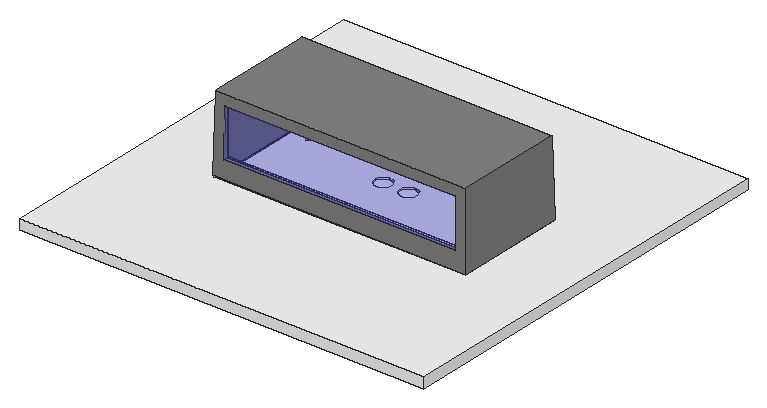
Revit family "BE_50146.5_de_DE", category Leuchten, Revit 2015
Parameters (values of type "BEGA_50146.5_K4")
  built-in parameter 1150104 = 12.096 (stored number, unit not read)
  Wattage = 25.2 W
  Default Elevation = 0 mm
  built-in parameter 1150113 = 1 (stored number, unit not read)
  built-in parameter 1114218 = 1 (stored number, unit not read)
  Umgebungstemperatur = "25 °C"
  URL = "http://www.bega.de/produkt/50146.5"
  Typenkommentare = "© 2017 BEGA. Wir behalten uns das Recht vor, technische Änderungen ohne vorherige Ankündigung vorzunehmen."  # constant formula
  built-in parameter 1150134 = 12
  built-in parameter 1150109 = 1 (stored number, unit not read)
  Strom = ""
  built-in parameter 1150110 = 1 (stored number, unit not read)
  Spannung = 239.996 V
  Sonderanfertigung = no
  Seriennummer [instance] = "Hier können Sie die eindeutige Seriennummer für das Facility Management eintragen."
  Schutzklasse = "I"
  Schutzart = ""
  Scheinlast = 0 VA
  Produktdatenblatt = "http://www.bega.de/download/Xrfa/db/50146.5.db.de.pdf"
  Oberflächentemperatur = ""
  Neigungswinkel = 0.00°
  Modell = "50146.5K4"
  Material_17 = BEGA_Reflektor
  Material_15 = BEGA_Leuchtmedium_matt
  Material_11 = BEGA_Glas_opal
  Material_09 = BEGA_Glas_klar
  Material_08 = BEGA_Oberfläche_Stahl_verzinkt
  Material_06 = BEGA_Oberfläche_Edelstahl_gebürstet
  Material_05 = BEGA_Oberfläche_Aluminium Guss
  Material_03 = BEGA_Oberfläche_Weiss_matt
  Material_02 = BEGA_Oberfläche_Silber_matt
  Material_01 [instance] = BEGA_Oberfläche_Grafit_matt
  M_W = no
  M_G = no
  M_A = no
  Logo = 0
  built-in parameter 1114217 = 1 (stored number, unit not read)
  built-in parameter 1150139 = (empty or 0)
  built-in parameter 1150105 = 261.1 (stored number, unit not read)
  built-in parameter 1150114 = 1 (stored number, unit not read)
  Lumens = 3281.04 lm
  built-in parameter 1150115 = 1 (stored number, unit not read)
  Leuchtenlichtstrom = "2330 lm"
  Leuchtenanzahl = ""
  Lebensdauerkriterien = "L70B50 @ 25 °C = 450000 h"
  Lastklassifizierung = Beleuchtung
  built-in parameter 1150112 = 1 (stored number, unit not read)
  Lampenlichtstrom = "3280 lm"
  Lampe = "LED 25.2 W"
  LED_Modulbezeichnung = "2x LED-0696/940 "
  Hersteller = "BEGA"  # constant formula
  Halbstreuwinkel = ""
  Gewicht = "1.95 kg"
  Gebrauchslageneinschränkung [instance] = ""
  Frequenz = "0/50-60 Hz"
  Farbwiedergabeindex = "Ra > 90"
  Farbtemperaturverschiebung bei Dämpfen der Lampe = <Keine Auswahl>
  Farbtemperatur = "4000 K"
  Color Filter = 16777215
  built-in parameter 1150133 = 10 (stored number, unit not read)
  Energieeffizienzklasse = "LED A++ - A"
  built-in parameter 1150137 = (empty or 0)
  built-in parameter 1150132 = (empty or 0)
  ENEC = ""
  Dimmbar [instance] = "DALI"
  Datei für fotometrisches Netz = "BE_50146K4.IES"
  CE_Konformität = "ja"
  Bestellnummer = "50146.5K4"
  Beschreibung_Sonderanfertigung = "Hier können Sie Informationen zur Sonderanfertigung eintragen."
  Beschreibung = "Wandfluter"
  built-in parameter 1150106 = 2.611 (stored number, unit not read)
  Befestigungsbohrung = "Ø 4,8 mm"
  Befestigungsabstand = "200 x 65 mm"
  Ballwurfsicher = ""
  BEGA_Intern_aus = yes
  BEGA_Intern_an = yes
  BEGA_Intern_Konstruktion = yes
  BEGA_Intern = yes
  BEGA_IES = yes
  BEGA_Dummy = no
  Anschlussleitung = ""
  Anschlussleistung [instance] = "29 W"
  Anschlusskasten = ""
  built-in parameter 1150107 = 4000 (stored number, unit not read)
  built-in parameter 1150102 = (empty or 0)
  built-in parameter 1150138 = (empty or 0)
  Aktualisierung = "2017-07-11T04:09:12"
  Abstand_zur_angestrahlten_Fläche [instance] = ""
  AC/DC = "AC/DC"
Types (2, lengths in mm): name | built-in parameter 1150104 | built-in parameter 1150134 | Modell | built-in parameter 1150105 | Lumens | Leuchtenlichtstrom | Lampenlichtstrom | LED_Modulbezeichnung | Farbtemperatur | Datei für fotometrisches Netz | Bestellnummer | built-in parameter 1150106 | built-in parameter 1150107
  BEGA_50146.5_K3 | 11.65 (stored number, unit not read) | (empty or 0) | "50146.5" | 251.47 (stored number, unit not read) | 3160.08 lm | "2244 lm" | "3160 lm" | "2x LED-0696/930 " | "3000 K" | "BE_50146.IES" | "50146.5" | 2.5147 (stored number, unit not read) | 3000 (stored number, unit not read)
  BEGA_50146.5_K4 | 12.096 (stored number, unit not read) | 12 | "50146.5K4" | 261.1 (stored number, unit not read) | 3281.04 lm | "2330 lm" | "3280 lm" | "2x LED-0696/940 " | "4000 K" | "BE_50146K4.IES" | "50146.5K4" | 2.611 (stored number, unit not read) | 4000 (stored number, unit not read)
Reference planes
  plane 1 "Mitte (Vorne/Hinten)": y = 0
  plane 2: z = 0
  plane 3 "Mitte (Links/Rechts)": x = 0
  plane 4 "Links": x = -125
  plane 5 "Rechts": x = 125
  plane 6 "Unten": y = -55
  plane 7 "Oben": y = 55
  plane 8 "Vorne": z = 76
  plane 9 "Hinten": z = 0
Forms (mm)
  Extrusion 1, solid, material "BEGA_Platte_Weiss"
    sketch origin (0, -1119.2, 0) x (1, 0, 0) y (0, 1, 0)
      loop
        line (-200, 1319.2) -> (-200, 919.2) -> (200, 919.2) -> (200, 1319.2) -> (-200, 1319.2)
    from 0 to -10
  Extrusion 2, solid, material "BEGA_Dummy_matt", visible <- "BEGA_Dummy"
    sketch origin (80.095, -76.023, 0) x (1, 0, 0) y (0, 1, 0)
      loop
        line (-205.095, 131.023) -> (-205.095, 21.023) -> (44.905, 21.023) -> (44.905, 131.023) -> (-205.095, 131.023)
    from 0 to 76
Dimensions and locks
  plane 1 "Mitte (Vorne/Hinten)" to Extrusion 1 = 200 mm
  aligned and locked: plane 2 to Extrusion 1
  aligned and locked: level to Extrusion 1
Nested families
  nested 1: "BE_50146.5" at (0, 0, 0), type "BE_50146.5"
Connectors
  electrical at (0, 0, 0), driven by "Lastklassifizierung", driven by "Spannung", driven by "Scheinlast"
    settings: index 1, voltage 239.996 V, apparent load 0 VA, apparent load phase1 0 VA, apparent load phase2 0 VA, apparent load phase3 0 VA, power factor 1, load classification "Beleuchtung", number of poles 1, system type 31, power factor state 1, is connector primary yes, connector utility no, sub classification motor no, connector description ""
Definition of nested family "BE_50146.5"
  Parameters (values of type "BE_50146.5")
    Default Elevation = 1 mm
    URL = "http://www.bega.de/de/produkt"
    Type Comments = "© 2015 BEGA. Wir behalten uns das Recht vor, technische Änderungen ohne vorherige Ankündigung vorzunehmen. "  # constant formula
    Type Image = (empty or 0)
    Neigungswinkel_um_Z2 = 0.00°
    Neigungswinkel_um_Z1 = 0.00°
    Neigungswinkel_um_Y2 = 0.00°
    Neigungswinkel_um_Y1 = 0.00°
    Neigungswinkel_um_X2 = 0.00°
    Neigungswinkel_um_X1 = 0.00°
    Material_17 = none
    Material_15 = none
    Material_11 = none
    Material_09 = none
    Material_08 = none
    Material_06 = none
    Material_05 = none
    Material_03 = none
    Material_02 = none
    Material_01 = none
    M_W = yes
    M_G = yes
    M_A = yes
    Länge_Platte = 400 mm  # constant formula
    Höhe_Platte = -10 mm  # constant formula
    Manufacturer = "BEGA"  # constant formula
    Drehwinkel_um_Z2 = 0.00°
    Drehwinkel_um_Z1 = 0.00°
    Breite_Platte = 200 mm  # constant formula
  Reference planes
    plane 1 "Mitte (Oben/Unten)": y = 0
    plane 2: z = 0
    plane 3 "Mitte (Links/Rechts)": x = 0
    plane 4: x = -125
    plane 5: z = 76
    plane 6: x = 125
    plane 7: y = 55
    plane 8: y = -55
  Forms (mm)
    Extrusion 1, solid, detail levels medium
      sketch origin (0, 0, 0) x (1, 0, 0) y (0, 1, 0)
        loop
          line (-200, 100) -> (-200, -100) -> (200, -100) -> (200, 100) -> (-200, 100)
      from 0 to -10 <- "Höhe_Platte"
    Extrusion 2, solid, material <- "Material_01", detail levels medium+fine
      sketch origin (0, 0, 0) x (1, 0, 0) y (0, 0, 1)
        loop
          line (-125, 1) -> (-121, 1) -> (-118.661, 68) -> (118.661, 68) -> (121, 1) -> (125, 1) -> (123.691, 76) -> (-123.691, 76) -> (-125, 1)
      from -55 to 55
    Extrusion 3, solid, material <- "Material_01", detail levels medium+fine
      sketch origin (0, 0, 0) x (1, 0, 0) y (0, 0, 1)
        loop
          line (123.691, 76) -> (-123.691, 76) -> (-125, 1) -> (125, 1) -> (123.691, 76)
      from -55 to -50.695
    Extrusion 4, solid, material <- "Material_01", detail levels medium+fine
      sketch origin (0, 0, 0) x (1, 0, 0) y (0, 0, -1)
        loop
          line (123.691, -76) -> (125, -1) -> (-125, -1) -> (-123.691, -76) -> (123.691, -76)
      from -55 to -50.695
    Extrusion 5, void
      sketch origin (0, 0, 0) x (0, 1, 0) y (0, 0, 1)
        loop
          line (55, 1) -> (55.86, 1.015) -> (55.86, 78.41) -> (53.649, 78.41) -> (55, 1)
        loop
          line (-55, 1) -> (-53.649, 78.41) -> (-55.86, 78.41) -> (-55.86, 1.015) -> (-55, 1)
      from -135.401 to 130.838
    Sweep 6, solid, material <- "Material_03", detail levels medium+fine
      path origin (0, 0, 0) x (1, 0, 0) y (0, 1, 0)
        loop
          line (-125, 55) -> (-125, -55) -> (125, -55) -> (125, 55) -> (-125, 55)
      profile origin (-125, 0, 0) x (1, 0, 0) y (0, 0, 1)
        loop
          line (0.5, 1) -> (0.5, 0) -> (2.572, 0)
          arc (2.572, 0) -> (3.337, 0.152) -> (3.986, 0.586) r 2
          line (3.986, 0.586) -> (5.107, 1.707)
          arc (5.107, 1.707) -> (5.432, 1.924) -> (5.814, 2) r 1
          line (5.814, 2) -> (11.938, 2) -> (11.938, 3) -> (5.814, 3)
          arc (5.814, 3) -> (5.049, 2.848) -> (4.4, 2.414) r 2
          line (4.4, 2.414) -> (3.279, 1.293)
          arc (3.279, 1.293) -> (2.954, 1.076) -> (2.572, 1) r 1
          line (2.572, 1) -> (0.5, 1)
    Extrusion 7, solid, material <- "Material_03", detail levels medium+fine
      sketch origin (0, 0, 0) x (1, 0, 0) y (0, 1, 0)
        loop
          line (-113.062, 43.062) -> (-113.062, -43.062) -> (113.062, -43.062) -> (113.062, 43.062) -> (-113.062, 43.062)
      from 2 to 3
    Extrusion 8, void
      sketch origin (0, 0, 0) x (0, 1, 0) y (0, 0, 1)
        loop
          line (47.599, 66.082) -> (47.599, 18) -> (55.612, 18) -> (55.612, 66.082) -> (47.599, 66.082)
        loop
          line (-47.599, 66.082) -> (-55.612, 66.082) -> (-55.612, 18) -> (-47.599, 18) -> (-47.599, 66.082)
      from -114.499 to 114.499
    Extrusion 9, solid, material <- "Material_11", detail levels medium+fine
      sketch origin (0, 0, 0) x (0, 1, 0) y (0, 0, 1)
        loop
          line (54.603, 18.077) -> (53.765, 66.069) -> (49.366, 65.992) -> (50.203, 18) -> (54.603, 18.077)
      from -114.499 to 114.499
    Extrusion 10, solid, material <- "Material_11", detail levels medium+fine
      sketch origin (0, 0, 0) x (0, 1, 0) y (0, 0, 1)
        loop
          line (49.339, 67.492) -> (45.74, 67.429) -> (46.63, 16.437) -> (50.229, 16.5) -> (49.339, 67.492)
      from -116.248 to 116.218
    Extrusion 11, solid, material <- "Material_11", detail levels medium+fine
      sketch origin (0, 0, 0) x (0, -1, 0) y (0, 0, -1)
        loop
          line (54.603, -18.077) -> (50.203, -18) -> (49.366, -65.992) -> (53.765, -66.069) -> (54.603, -18.077)
      from -114.499 to 114.499
    Extrusion 12, solid, material <- "Material_11", detail levels medium+fine
      sketch origin (0, 0, 0) x (0, -1, 0) y (0, 0, -1)
        loop
          line (49.339, -67.492) -> (50.229, -16.5) -> (46.63, -16.437) -> (45.74, -67.429) -> (49.339, -67.492)
      from -116.248 to 116.218
    Extrusion 13, void
      sketch origin (0, 0, 0) x (1, 0, 0) y (0, 1, 0)
        loop
          circle (-100, 32.5) r 2.4
        loop
          circle (100, -32.5) r 2.4
        loop
          circle (-12.5, 15) r 8.5
        loop
          circle (12.5, 15) r 8.5
      from 0 to 6.68
    Revolve 14, solid, material <- "Material_06", detail levels fine
      sketch origin (110, 0, 0) x (0, 1, 0) y (0, 0, 1)
        loop
          line (56, 9) -> (56, 11) -> (53.425, 11) -> (53.425, 9) -> (56, 9)
        axis (56, 9) -> (53.425, 9)
      angle from 0 to 360
    Revolve 15, solid, material <- "Material_06", detail levels fine
      sketch origin (-110, 0, 0) x (0, 1, 0) y (0, 0, -1)
        loop
          line (56, -9) -> (53.425, -9) -> (53.425, -11) -> (56, -11) -> (56, -9)
        axis (56, -9) -> (53.425, -9)
      angle from 0 to 360
  Cuts and joins
    Extrusion 5, Extrusion 8 cuts Extrusion 2
    Extrusion 5, Extrusion 8 cuts Extrusion 3
    Extrusion 5, Extrusion 8 cuts Extrusion 4
    joined: Extrusion 2, Extrusion 3, Extrusion 4
    Extrusion 13 cuts Sweep 6
    Extrusion 13 cuts Extrusion 7
    joined: Sweep 6, Extrusion 7
    joined: Extrusion 9, Extrusion 10
    joined: Extrusion 11, Extrusion 12
  Dimensions and locks
    equal spacing: Extrusion 1 sketch curve, plane 3 "Mitte (Links/Rechts)", Extrusion 1 sketch curve
    equal spacing: Extrusion 1 sketch curve, plane 1 "Mitte (Oben/Unten)", Extrusion 1 sketch curve
    "Länge_Platte": Extrusion 1 sketch curve to Extrusion 1 sketch curve
    "Breite_Platte": Extrusion 1 sketch curve to Extrusion 1 sketch curve
    aligned and locked: plane 2 to Extrusion 1
    aligned and locked: level to Extrusion 1
  Automatic sketch dimensions
    level to Extrusion 2 sketch curve = 1 mm  (x2)
    Extrusion 2 sketch curve to Extrusion 2 sketch curve = 1.309 mm
    Extrusion 2 sketch curve to Extrusion 2 sketch curve = 4 mm  (x2)
    Extrusion 2 sketch curve to Extrusion 2 sketch curve = 5.03 mm  (x2)
    Extrusion 2 sketch curve to Extrusion 2 sketch curve = 2.34 mm
    Extrusion 2 sketch curve to Extrusion 2 sketch curve = 67 mm
    Extrusion 2 sketch curve to Extrusion 2 sketch curve = 8 mm
    level to Extrusion 3 sketch curve = 1 mm
    Extrusion 3 sketch curve to Extrusion 3 sketch curve = 1.309 mm
    Extrusion 3 sketch curve to Extrusion 3 sketch curve = 75 mm
    level to Extrusion 4 sketch curve = 1 mm
    Extrusion 4 sketch curve to Extrusion 4 sketch curve = 1.309 mm
    Extrusion 4 sketch curve to Extrusion 4 sketch curve = 75 mm
    level to Extrusion 5 sketch curve = 1.015 mm
    plane 1 "Mitte (Oben/Unten)" to Extrusion 5 sketch curve = 55.86 mm
    level to Extrusion 5 sketch curve = 1 mm  (x2)
    Extrusion 5 sketch curve to Extrusion 5 sketch curve = 0.86 mm
    Extrusion 5 sketch curve to Extrusion 5 sketch curve = 2.211 mm  (x2)
    Extrusion 5 sketch curve to plane 1 "Mitte (Oben/Unten)" = 53.649 mm
    Extrusion 5 sketch curve to plane 1 "Mitte (Oben/Unten)" = 55 mm
    Extrusion 5 sketch curve to Extrusion 5 sketch curve = 0.015 mm
    plane 1 "Mitte (Oben/Unten)" to Sweep 6 sketch curve = 55 mm
    Sweep 6 sketch curve to plane 1 "Mitte (Oben/Unten)" = 55 mm
    Sweep 6 sketch curve to Sweep 6 sketch curve = 0 mm  (x9)
    Sweep 6 sketch curve to level = 0 mm
    Sweep 6 sketch curve to profile plane = 0.5 mm
    Sweep 6 sketch curve to Sweep 6 sketch curve = 2.072 mm
    level to Sweep 6 sketch curve = 1 mm  (x2)
    Sweep 6 sketch curve to Sweep 6 sketch curve = 3.243 mm
    level to Sweep 6 sketch curve = 2 mm
    Sweep 6 sketch curve to Sweep 6 sketch curve = 6.124 mm
    Sweep 6 sketch curve to Sweep 6 sketch curve = 1 mm  (x2)
    level to Sweep 6 sketch curve = 1.293 mm
    Sweep 6 sketch curve to Sweep 6 sketch curve = 0.707 mm  (x3)
    level to Sweep 6 sketch curve = 0.586 mm
    Sweep 6 sketch curve to Sweep 6 sketch curve = 1.414 mm
    level to Sweep 6 sketch curve = 1.707 mm
    plane 1 "Mitte (Oben/Unten)" to Extrusion 7 sketch curve = 43.062 mm
    Extrusion 7 sketch curve to plane 1 "Mitte (Oben/Unten)" = 43.062 mm
    plane 1 "Mitte (Oben/Unten)" to Extrusion 8 sketch curve = 55.612 mm
    Extrusion 8 sketch curve to Extrusion 8 sketch curve = 8.013 mm  (x2)
    level to Extrusion 8 sketch curve = 18 mm  (x2)
    Extrusion 8 sketch curve to plane 1 "Mitte (Oben/Unten)" = 47.599 mm
    Extrusion 8 sketch curve to Extrusion 8 sketch curve = 48.082 mm  (x2)
    Extrusion 9 sketch curve to plane 1 "Mitte (Oben/Unten)" = 49.366 mm
    level to Extrusion 9 sketch curve = 18 mm
    Extrusion 9 sketch curve to Extrusion 9 sketch curve = 0.838 mm
    Extrusion 9 sketch curve to Extrusion 9 sketch curve = 4.399 mm  (x2)
    level to Extrusion 9 sketch curve = 18.077 mm
    Extrusion 9 sketch curve to Extrusion 9 sketch curve = 47.993 mm
    Extrusion 9 sketch curve to Extrusion 9 sketch curve = 0.077 mm
    Extrusion 10 sketch curve to plane 1 "Mitte (Oben/Unten)" = 45.74 mm
    level to Extrusion 10 sketch curve = 16.437 mm
    Extrusion 10 sketch curve to plane 1 "Mitte (Oben/Unten)" = 46.63 mm
    Extrusion 10 sketch curve to Extrusion 10 sketch curve = 3.599 mm  (x2)
    level to Extrusion 10 sketch curve = 16.5 mm
    Extrusion 10 sketch curve to Extrusion 10 sketch curve = 50.992 mm
    Extrusion 10 sketch curve to Extrusion 10 sketch curve = 0.063 mm
    Extrusion 11 sketch curve to plane 1 "Mitte (Oben/Unten)" = 49.366 mm
    Extrusion 11 sketch curve to level = 18 mm
    Extrusion 11 sketch curve to Extrusion 11 sketch curve = 0.838 mm
    Extrusion 11 sketch curve to Extrusion 11 sketch curve = 4.399 mm  (x2)
    Extrusion 11 sketch curve to level = 18.077 mm
    Extrusion 11 sketch curve to Extrusion 11 sketch curve = 47.993 mm
    Extrusion 11 sketch curve to Extrusion 11 sketch curve = 0.077 mm
    Extrusion 12 sketch curve to plane 1 "Mitte (Oben/Unten)" = 45.74 mm
    Extrusion 12 sketch curve to level = 16.437 mm
    Extrusion 12 sketch curve to plane 1 "Mitte (Oben/Unten)" = 46.63 mm
    Extrusion 12 sketch curve to Extrusion 12 sketch curve = 3.599 mm  (x2)
    Extrusion 12 sketch curve to level = 16.5 mm
    Extrusion 12 sketch curve to Extrusion 12 sketch curve = 50.992 mm
    Extrusion 12 sketch curve to Extrusion 12 sketch curve = 0.063 mm
    Extrusion 13 sketch curve to plane 1 "Mitte (Oben/Unten)" = 32.5 mm
    Extrusion 13 sketch curve to plane 3 "Mitte (Links/Rechts)" = 100 mm
    Extrusion 13 sketch curve to plane 3 "Mitte (Links/Rechts)" = 12.5 mm
    plane 3 "Mitte (Links/Rechts)" to Extrusion 13 sketch curve = 12.5 mm
    plane 1 "Mitte (Oben/Unten)" to Extrusion 13 sketch curve = 32.5 mm
    Extrusion 13 sketch curve to Extrusion 13 sketch curve = 87.5 mm
    Extrusion 13 sketch curve to plane 1 "Mitte (Oben/Unten)" = 15 mm  (x2)
    level to Revolve 14 sketch curve = 11 mm
    Revolve 14 sketch curve to plane 1 "Mitte (Oben/Unten)" = 53.425 mm
    Revolve 14 sketch curve to Revolve 14 sketch curve = 2.575 mm
    Revolve 14 sketch curve to Revolve 14 sketch curve = 2 mm  (x2)
    Revolve 14 sketch curve to Revolve 14 sketch curve = 0.595 mm
    Revolve 14 sketch curve to Revolve 14 sketch curve = 0 mm
    level to Revolve 15 sketch curve = 11 mm
    Revolve 15 sketch curve to plane 1 "Mitte (Oben/Unten)" = 53.425 mm
    Revolve 15 sketch curve to Revolve 15 sketch curve = 2.575 mm
    Revolve 15 sketch curve to Revolve 15 sketch curve = 2 mm  (x2)
    Revolve 15 sketch curve to Revolve 15 sketch curve = 0.595 mm
    Revolve 15 sketch curve to Revolve 15 sketch curve = 0 mm
    plane 4 to Extrusion 2 sketch curve = 0 mm
    plane 4 to Extrusion 3 sketch curve = 0 mm
    plane 4 to Extrusion 4 sketch curve = 0 mm
    Sweep 6 sketch curve to plane 4 = 0 mm
    Extrusion 7 sketch curve to plane 4 = 11.938 mm
    Extrusion 2 sketch curve to plane 6 = 0 mm
    Extrusion 3 sketch curve to plane 6 = 0 mm
    Extrusion 3 sketch curve to plane 6 = 1.309 mm
    Extrusion 4 sketch curve to plane 6 = 0 mm
    Extrusion 4 sketch curve to plane 6 = 1.309 mm
    Sweep 6 sketch curve to plane 6 = 0 mm
    Extrusion 7 sketch curve to plane 6 = 11.938 mm
    radius of Extrusion 13 sketch curve = 2.4 mm  (x2)
    radius of Extrusion 13 sketch curve = 8.5 mm  (x2)
